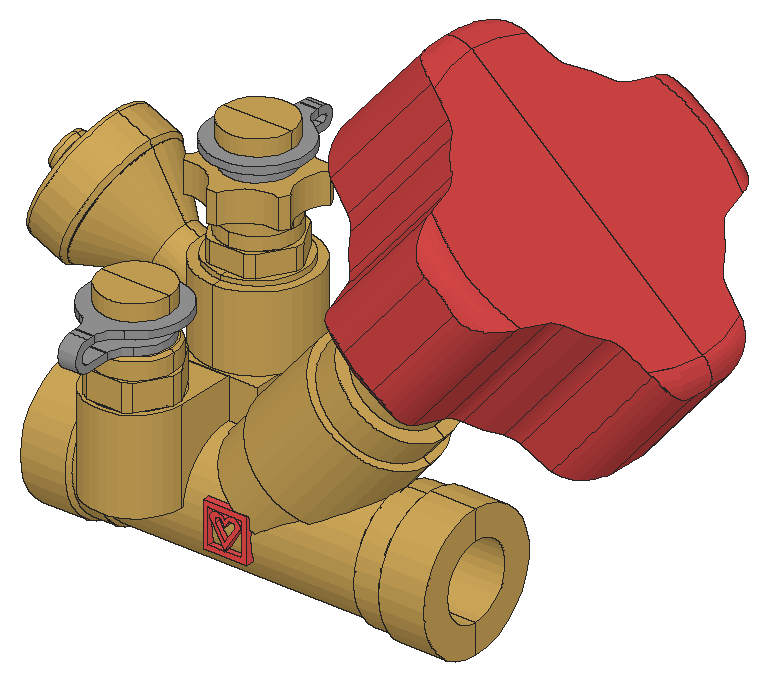
Revit family "HERZ Strömax Commissioning Valve With Integral Fixed orifice Plate 4017 ML (LF-MF)", category Rohrzubehör, Revit 2020
Family settings
  Bemaßung runder Anschluss = Durchmesser verwenden
  Teiletyp = Unterbricht
  OmniClass-Nummer = 23.65.55.14
  OmniClass-Titel = Valves for Liquid Services
  Arbeitsebenenbasiert = Nein
  Immer vertikal = Ja
  Beim Laden mit Abzugskörper schneiden = Nein
  Gemeinsam genutzt = Nein
Parameters (values of type "MF")
  kvs-value [instance] = if(and(Nennweite = 15.000 mm, LF), 0.46, if(and(Nennweite = 15.000 mm, MF), 0.88, 0))  # 0.88
  kv-value of orifice [instance] = if(and(Nennweite = 15.000 mm, LF), 0.48, if(and(Nennweite = 15.000 mm, MF), 0.97, 0))  # 0.97
  W01 = 50.00°  # constant formula
  Vorgabe-Ansicht = 0.000 mm
  URL = "www.herzvalves.com"
  SW01 = 60.00°  # constant formula
  SCRNSEQ = "ARM;ARM_TYP=\"STRV\";2"
  SCRNCODE = "05;07;02"  # constant formula
  S03 = 60.000 mm  # constant formula
  S02 [instance] = L04 + L06 + L07  # 76.800 mm
  S01 [instance] = D01 * 2  # 27.000 mm
  R03 = 21.500 mm  # constant formula
  R02 = 9.500 mm  # constant formula
  R01 = 12.000 mm  # constant formula
  Part number [instance] = if(and(Nennweite = 15.000 mm, LF), 1401730, if(and(Nennweite = 15.000 mm, MF), 1401739, 0))  # 1401739
  Model = "STRÖMAX 4017 ML, commissioning valve in Y pattern with an orifice plate and an connection for impulse line for differential pressure measurement, with test points:\r\nDZR brass, female threaded ends, non-rising stem sealed with Triple-O-Ring, presetting through stroke limiting, handwhell with presetting digital display."
  Medium = "Water purity in accordance with the OeNORM H5195 and VDI 2035 standards.\r\nEthylene and propylene glycol can be mixed to a ratio of 25 - 50 vol. %."
  Max. operating temperature = 130 °C  # constant formula
  Max. operating pressure = 2000000.0 Pa  # constant formula
  Max. differential pressure at closed valve = 1000000.0 Pa  # constant formula
  MF = yes
  LF = no
  L10 [instance] = size_lookup("4017_ML_", "L10", 1.000 mm, Nennweite)  # 28.500 mm
  L09 [instance] = size_lookup("4017_ML_", "L9", 1.000 mm, Nennweite)  # 22.500 mm
  L08 [instance] = size_lookup("4017_ML_", "L8", 1.000 mm, Nennweite)  # 12.700 mm
  L07 [instance] = size_lookup("4017_ML_", "L7", 1.000 mm, Nennweite)  # 35.100 mm
  L06 [instance] = size_lookup("4017_ML_", "L6", 1.000 mm, Nennweite)  # 6.500 mm
  L05 [instance] = size_lookup("4017_ML_", "L5", 1.000 mm, Nennweite)  # 20.200 mm
  L04 [instance] = size_lookup("4017_ML_", "L4", 1.000 mm, Nennweite)  # 35.200 mm
  L03 [instance] = size_lookup("4017_ML_", "L3", 1.000 mm, Nennweite)  # 1.000 mm
  H03 [instance] = H01 - 19.000 mm  # 1.000 mm
  H02 = 13.000 mm  # constant formula
  Field of application = "Can be used as isolating and commissioning valve."
  E01 [instance] = L00 / -2  # -41.500 mm
  E00 = 0.000 mm  # constant formula
  D09 [instance] = size_lookup("4017_ML_", "D9", 1.000 mm, Nennweite)  # 11.750 mm
  D08 [instance] = size_lookup("4017_ML_", "D8", 1.000 mm, Nennweite)  # 9.500 mm
  D07 [instance] = size_lookup("4017_ML_", "D7", 1.000 mm, Nennweite)  # 12.000 mm
  D06 [instance] = size_lookup("4017_ML_", "D6", 1.000 mm, Nennweite)  # 13.500 mm
  D05 [instance] = size_lookup("4017_ML_", "D5", 1.000 mm, Nennweite)  # 12.500 mm
  D04 [instance] = Nennweite / 2  # 7.500 mm
  IG [instance] = Nennweite / 2  # 7.500 mm
  D03 [instance] = size_lookup("4017_ML_", "D3", 1.000 mm, Nennweite)  # 11.900 mm
  D02 [instance] = size_lookup("4017_ML_", "D2", 1.000 mm, Nennweite)  # 12.700 mm
  D01 [instance] = size_lookup("4017_ML_", "D1", 1.000 mm, Nennweite)  # 13.500 mm
  Nennweite [instance] = 15.000 mm  # constant formula
  L02 [instance] = size_lookup("4017_ML_", "L2", 1.000 mm, Nennweite)  # 5.000 mm
  L01 [instance] = size_lookup("4017_ML_", "L1", 1.000 mm, Nennweite)  # 9.250 mm
  L00 [instance] = size_lookup("4017_ML_", "L", 1.000 mm, Nennweite)  # 83.000 mm
  Hersteller = "HERZ Armaturen Ges.m.b.H."  # constant formula
  H01 [instance] = size_lookup("4017_ML_", "H1", 1.000 mm, Nennweite)  # 20.000 mm
  GT [instance] = size_lookup("4017_ML_", "GT", 1.000 mm, Nennweite)  # 13.200 mm
  DN50 [instance] = Nennweite = 50.000 mm  # no
  DN40 [instance] = Nennweite = 40.000 mm  # no
  DN32 [instance] = Nennweite = 32.000 mm  # no
  DN25 [instance] = Nennweite = 25.000 mm  # no
  DN20 [instance] = Nennweite = 20.000 mm  # no
  DN15 [instance] = Nennweite = 15.000 mm  # yes
  Body = "DZR brass"  # constant formula
Types (3, lengths in mm): name | kvs-value | kv-value of orifice | Part number | MF | LF
  (no name) | 0.88 | 0.97 | 1401739 | yes | no
  LF | 0.46 | 0.48 | 1401730 | no | yes
  MF | 0.88 | 0.97 | 1401739 | yes | no
Reference planes
  plane 1 "Mitte (Vorne/hinten)": y = 0
  plane 2: z = 0
  plane 3 "Mitte (Links/rechts)": x = 0
Forms (mm)
  Revolve 1, solid, material "Messing, weicher Gelbton, geschweißt", detail levels fine
    sketch origin (470, 0, 0) x (1, 0, 0) y (0, 0, 1)
      loop
        line (-511.5, 7.5) -> (-498.3, 7.5) -> (-498.3, 0) -> (-441.7, 0) -> (-441.7, 7.5) -> (-428.5, 7.5) -> (-428.5, 13.5) -> (-437.75, 13.5) -> (-438.421, 12.7) -> (-443.421, 12.7) -> (-444.093, 11.9) -> (-495.907, 11.9) -> (-496.579, 12.7) -> (-501.579, 12.7) -> (-502.25, 13.5) -> (-511.5, 13.5) -> (-511.5, 7.5)
      axis (-511.5, 0) -> (-428.5, 0)
    angle from 0 to 360
  Revolve 2, solid, material "Messing, weicher Gelbton, geschweißt", detail levels fine
    sketch origin (0.32, 0, -0.105) x (1, 0, 0) y (0, 0, 1)
      loop
        line (-1.32, 0.105) -> (48.046, 58.937) -> (39.045, 66.49) -> (30.882, 56.761) -> (32.605, 55.315) -> (18.207, 38.155) -> (16.292, 39.762) -> (12.114, 34.783) -> (10.964, 35.747) -> (-2.02, 20.273) -> (-1.254, 19.63) -> (-7.652, 12.005) -> (-7.065, 4.926) -> (-1.32, 0.105)
      axis (-1.32, 0.105) -> (48.046, 58.937)
    angle from 0 to 360
  Extrusion 3, solid, material "Messing, weicher Gelbton, geschweißt", detail levels fine
    sketch origin (0, 0, 0) x (1, 0, 0) y (0, 1, 0)
      loop
        arc (-28.5, -12) -> (-19, -21.5) -> (-9.5, -12) r 9.5
        line (-9.5, -12) -> (-9.5, 0) -> (-28.5, 0) -> (-28.5, -12)
    from 1 <- "H03" to 20 <- "H01"
  Extrusion 4, solid, material "Messing, weicher Gelbton, geschweißt", detail levels fine
    sketch origin (0, 0, 0) x (1, 0, 0) y (0, 1, 0)
      loop
        line (-22.5, 12) -> (-22.5, 0) -> (-3.5, 0) -> (-3.5, 12)
        arc (-3.5, 12) -> (-13, 21.5) -> (-22.5, 12) r 9.5
    from 0 to 20 <- "H01"
  Extrusion 5, void
    sketch origin (0, 0, 0) x (1, 0, 0) y (0, 0, 1)
      loop
        line (55, 0) -> (80, 0) -> (80, 73) -> (55, 73) -> (55, 0)
    from 55 to -55
Cuts and joins
  Extrusion 5 cuts Revolve 2
Lines and regions (mm)
  model lines, detail levels coarse+medium
    curve 1: line (-41.5, 0, 13.5) -> (-41.5, 0, -13.5)
    curve 2: line (-41.5, 0, -13.5) -> (41.5, 0, 13.5)
    curve 3: line (41.5, 0, 13.5) -> (41.5, 0, -13.5)
    curve 4: line (41.5, 0, -13.5) -> (-41.5, 0, 13.5)
    curve 5: line (0, 0, 0) -> (38.4, 0, 66.511)
    curve 6: line (12.419, 0, 81.511) -> (64.381, 0, 51.511)
    curve 7: line (-41.5, -13.5, 0) -> (-41.5, 13.5, 0)
    curve 8: line (-41.5, 13.5, 0) -> (41.5, -13.5, 0)
    curve 9: line (41.5, -13.5, 0) -> (41.5, 13.5, 0)
    curve 10: line (41.5, 13.5, 0) -> (-41.5, -13.5, 0)
    curve 11: line (0, 0, 0) -> (38.4, 66.511, 0)
    curve 12: line (12.419, 81.511, 0) -> (64.381, 51.511, 0)
Dimensions and locks
  "L00": Revolve 1 sketch curve to Revolve 1 sketch curve
  equal spacing: Revolve 1 sketch curve, plane 3 "Mitte (Links/rechts)", Revolve 1 sketch curve
  "D01": Revolve 1 sketch curve to Revolve 1 sketch curve  (x2)
  "GT": Revolve 1 sketch curve to Revolve 1 sketch curve  (x2)
  "D06": Revolve 2 sketch curve to Revolve 2 sketch curve
  "D07": Revolve 2 sketch curve to Revolve 2 sketch curve
  "D08": Revolve 2 sketch curve to Revolve 2 sketch curve
  "D09": Revolve 2 sketch curve to Revolve 2 sketch curve
  equal spacing: curve 1, plane 3 "Mitte (Links/rechts)", curve 3
  "L00": curve 1 to curve 3
  equal spacing: curve 4, plane 2, curve 2
  "S01": curve 4 to curve 1
  "S01": curve 3 to curve 4
  equal spacing: curve 3, plane 2, curve 4
  "S02": curve 5 to curve 5
  equal spacing: curve 6, curve 5, curve 6
  "S03": curve 6 to curve 6
  equal spacing: curve 7, plane 3 "Mitte (Links/rechts)", curve 9
  "L00": curve 7 to curve 9
  equal spacing: curve 10, plane 1 "Mitte (Vorne/hinten)", curve 8
  "S01": curve 8 to curve 10
  equal spacing: curve 9, plane 1 "Mitte (Vorne/hinten)", curve 10
  "S01": curve 10 to curve 9
  "S02": curve 11 to curve 11
  equal spacing: curve 12, curve 11, curve 12
  "S03": curve 12 to curve 12
  "L01": Revolve 1 sketch curve to Revolve 1 sketch curve  (x2)
  "D02": Revolve 1 sketch curve to plane 2  (x2)
  "D03": Revolve 1 sketch curve to plane 2
  "IG": Revolve 1 sketch curve to plane 2  (x2)
  "L02": Revolve 1 sketch curve to Revolve 1 sketch curve  (x2)
  "L04": Revolve 2 sketch curve to Revolve 2 sketch curve
  "L05": Revolve 2 sketch curve to Revolve 2 sketch curve
  "D03": Revolve 2 sketch curve to plane 2
  "L06": Revolve 2 sketch curve to Revolve 2 sketch curve
  "L08": Revolve 2 sketch curve to Revolve 2 sketch curve
  "L07": Revolve 2 sketch curve to Revolve 2 sketch curve
  "D04": Revolve 2 sketch curve to Revolve 2 sketch curve
  "D05": Revolve 2 sketch curve to Revolve 2 sketch curve
  "L03": plane 3 "Mitte (Links/rechts)" to Revolve 2 sketch curve  (x2)
  "D03": nested 1 to plane 1 "Mitte (Vorne/hinten)"
  "L09": Revolve 1 to Extrusion 3 sketch curve
  "R01": Extrusion 3 sketch curve to plane 1 "Mitte (Vorne/hinten)"
  "R01": plane 1 "Mitte (Vorne/hinten)" to Extrusion 4 sketch curve
  "L10": Revolve 1 to Extrusion 4 sketch curve
  "H01": nested 2 to plane 2
  "R01": nested 2 to plane 1 "Mitte (Vorne/hinten)"
  "L09": Revolve 1 to nested 2
  Extrusion 5 sketch curve to plane 3 "Mitte (Links/rechts)" = 55.000 mm
  Extrusion 5 sketch curve to Extrusion 5 sketch curve = 25.000 mm
  Extrusion 5 sketch curve to plane 2 = 73.000 mm
  "L10": Revolve 1 to nested 4
  "R01": plane 1 "Mitte (Vorne/hinten)" to nested 4
  "H01": nested 4 to plane 2
  "R02": radius of Extrusion 3 sketch curve
  "R02": radius of Extrusion 4 sketch curve
  "W01": angle level to Revolve 2 sketch curve
  "SW01": angle plane 2 to curve 5
  "SW01": angle plane 1 "Mitte (Vorne/hinten)" to curve 11
  "W01": angle Revolve 1 sketch curve to Revolve 1 sketch curve  (x4)
  "W01": angle plane 2 to Revolve 2 sketch curve
  aligned and locked: level to plane 2
Automatic sketch dimensions
  Extrusion 5 sketch curve to level = 0.000 mm
  curve 5 to level = 0.000 mm
  plane 1 "Mitte (Vorne/hinten)" to curve 11 = 0.000 mm
  Revolve 1 sketch curve to level = 0.000 mm  (x2)
  Revolve 1 sketch curve to Revolve 1 sketch curve = 791.990 mm
  Revolve 1 sketch curve to Revolve 1 sketch curve = 2278.983 mm
  Revolve 2 sketch curve to level = 0.000 mm  (x2)
  plane 1 "Mitte (Vorne/hinten)" to Extrusion 3 sketch curve = 0.000 mm
  plane 1 "Mitte (Vorne/hinten)" to Extrusion 4 sketch curve = 0.000 mm
Nested families
  nested 1: "Herz-Logo-vorne" at (0, -11.9, 0) x (0, 1, 0) z (0, 0, 1), type "Herz-Logo-vorne", detail levels fine
  nested 2: "Messstutzen_Band_Eintritt_senkrecht_(oben)" at (-19, -12, 2.5) x (-1, 0, 0) z (0, 0, 1), type "Messstutzen_Band_Eintritt_senkrecht_(oben)", detail levels fine
    with Schutzkappe yes, Nennweite 0.000 mm, Gewicht 0.00 kg, Bestellnummer 0
  nested 3: "Strangregulierventil-Handrad (Rot) DN15-DN32" at (48.366, 0, 58.832), visible <- "DN15", type "Strangregulierventil-Handrad (Rot) DN15-DN32"
    with Nennweite 0.000 mm, Gewicht 0.00 kg, Bestellnummer 0
  nested 4: "Messstutzen_Band-KFE_Austritt_senkrecht_(oben)" at (-13, 12, 24.41), type "Messstutzen_Band-KFE_Austritt_senkrecht_(oben)", detail levels fine
    with Schutzkappe yes, Nennweite 0.000 mm, Gewicht 0.00 kg, Bestellnummer 0
Connectors
  piping at (-28.3, 0, 0), diameter 15, driven by "Nennweite"
    settings: on Revolve 1, index 1, connector inside diameter 609.6 mm, connector length 0.000 mm, flow factor 0, pipe flow 0.0 L/s, pressure drop 0.0 Pa, fitting loss kfactor 0, connector angle 0.00°, fixture units 0, engagement length 0.000 mm, angle of deflection 0.00°, flow configuration 0, flow direction 1, fitting loss method 0, system type 29, joint type 0, gender type 0, connector reference index -1, connector utility 0, adjustable connector no, is connector primary yes, connector description ""
  piping at (28.3, 0, 0), diameter 15, driven by "Nennweite"
    settings: on Revolve 1, index 2, connector inside diameter 609.6 mm, connector length 0.000 mm, flow factor 0, pipe flow 0.0 L/s, pressure drop 0.0 Pa, fitting loss kfactor 0, connector angle 0.00°, fixture units 0, engagement length 0.000 mm, angle of deflection 0.00°, flow configuration 0, flow direction 2, fitting loss method 0, system type 29, joint type 0, gender type 0, connector reference index -1, connector utility 0, adjustable connector no, is connector primary no, connector description ""
Definition of nested family "Herz-Logo-vorne"
  Parameters (values of type "Herz-Logo-vorne")
    Default Elevation = 0.000 mm
  Reference planes
    plane 1 "Mitte (Vorne/hinten)": y = 0
    plane 2: z = 0
    plane 3 "Mitte (Links/rechts)": x = 0
  Forms (mm)
    Extrusion 1, solid
      sketch origin (0.732, -0.018, 0.017) x (0, -1, 0) y (0, 0, 1)
        loop
          line (-0.018, -4.517) -> (4.482, -4.517) -> (4.482, 4.483) -> (-4.518, 4.483) -> (-4.518, -4.517) -> (-0.018, -4.517)
        loop
          line (-0.05, -3.48) -> (3.482, -3.48) -> (3.482, 3.483) -> (-3.518, 3.483) -> (-3.518, -3.48) -> (-0.05, -3.48)
        loop
          arc (-0.018, 2.383) -> (-1.543, 3.287) -> (-3.067, 2.383) r 1.738
          arc (-3.067, 2.383) -> (-3.191, 1.899) -> (-3.067, 1.415) r 1.009
          line (-3.067, 1.415) -> (-0.018, -3.281) -> (3.032, 1.415)
          arc (3.032, 1.415) -> (3.156, 1.899) -> (3.032, 2.383) r 1.009
          arc (3.032, 2.383) -> (1.507, 3.287) -> (-0.018, 2.383) r 1.738
        loop
          arc (1.885, 1.272) -> (2.005, 1.675) -> (1.885, 2.079) r 0.74
          arc (1.885, 2.079) -> (1.265, 2.416) -> (0.644, 2.079) r 0.74
          line (0.644, 2.079) -> (-0.018, 0.97) -> (-0.679, 2.079)
          arc (-0.679, 2.079) -> (-1.3, 2.416) -> (-1.921, 2.079) r 0.74
          arc (-1.921, 2.079) -> (-2.04, 1.675) -> (-1.921, 1.272) r 0.74
          line (-1.921, 1.272) -> (-0.018, -1.658) -> (1.885, 1.272)
      from 0 to 1.5
  Dimensions and locks
    aligned and locked: level to plane 2
Definition of nested family "Messstutzen_Band_Eintritt_senkrecht_(oben)"
  Parameters (values of type "Messstutzen_Band_Eintritt_senkrecht_(oben)")
    Default Elevation = 0.000 mm
    URL = "www.herz-armaturen.at"
    Schutzkappe [instance] = yes
    Nennweite [instance] = 0.000 mm
    Manufacturer = "Herz Armaturen GmbH"  # constant formula
    Gewicht [instance] = 0.00 kg
    Bestellnummer [instance] = 0
  Reference planes
    plane 1 "Mitte (Vorne/hinten)": y = 0
    plane 2: z = 0
    plane 3 "Mitte (Links/rechts)": x = 0
    plane 4 "Schlaufe 1": z = -27
    plane 5 "Schlaufe 2": z = -31.678
  Forms (mm)
    Revolve 1, solid, detail levels fine
      sketch origin (0, 0, 0) x (1, 0, 0) y (0, 0, 1)
        loop
          line (-7.4, 9) -> (-5.55, 9) -> (-5.55, 6)
          arc (-5.55, 6) -> (-5.626, 5.617) -> (-5.843, 5.293) r 1
          line (-5.843, 5.293) -> (-6.455, 4.681) -> (-6.455, 0.9) -> (-5.555, 0) -> (-2, 0) -> (-2, 17.5) -> (-8.4, 17.5)
          arc (-8.4, 17.5) -> (-7.693, 17.207) -> (-7.4, 16.5) r 1
          line (-7.4, 16.5) -> (-7.4, 9)
        loop
          line (-3.7, 27) -> (-7.3, 27) -> (-7.9, 26.4) -> (-7.9, 23) -> (-2, 23) -> (-2, 35.8) -> (-3.805, 35.8) -> (-4.415, 35.19) -> (-4.415, 30.863) -> (-3.7, 30.45) -> (-3.7, 27)
        axis (0, 0) -> (0, 35.8)
      angle from 0 to 360
    Extrusion 2, solid, detail levels fine
      sketch origin (0, 0, 17.5) x (0, 1, 0) y (-1, 0, 0)
        loop
          arc (-7.07, 5.156) -> (-7.578, 4.375) -> (-8, 3.544) r 8.75
          line (-8, 3.544) -> (-8, -3.544)
          arc (-8, -3.544) -> (-7.578, -4.375) -> (-7.07, -5.156) r 8.75
          line (-7.07, -5.156) -> (-0.93, -8.7)
          arc (-0.93, -8.7) -> (0, -8.75) -> (0.93, -8.7) r 8.75
          line (0.93, -8.7) -> (7.07, -5.156)
          arc (7.07, -5.156) -> (7.578, -4.375) -> (8, -3.544) r 8.75
          line (8, -3.544) -> (8, 3.544)
          arc (8, 3.544) -> (7.578, 4.375) -> (7.07, 5.156) r 8.75
          line (7.07, 5.156) -> (0.93, 8.7)
          arc (0.93, 8.7) -> (0, 8.75) -> (-0.93, 8.7) r 8.75
          line (-0.93, 8.7) -> (-7.07, 5.156)
      from 0 to 5.5
    Revolve 3, solid, visible <- "Schutzkappe", detail levels fine
      sketch origin (0, 0, 0) x (1, 0, 0) y (0, 0, 1)
        loop
          line (0, 35.878) -> (0, 36.678) -> (-7, 36.678) -> (-7, 33.378) -> (-6.1, 33.378) -> (-6.1, 31.678) -> (-6.9, 31.678) -> (-6.9, 30.178) -> (-4.415, 30.178) -> (-4.415, 35.268) -> (-3.805, 35.878) -> (0, 35.878)
        axis (0, 30.178) -> (0, 36.678)
      angle from 0 to 360
    Extrusion 4, solid, detail levels fine
      sketch origin (0, 0, 28.5) x (1, 0, 0) y (0, 1, 0)
        loop
          circle (0, 0) r 3.7
        loop
          arc (-3.906, 5.505) -> (0, -6.75) -> (3.906, 5.505) r 6.75
          arc (3.906, 5.505) -> (2.358, 7.288) -> (1.8, 9.582) r 5
          line (1.8, 9.582) -> (-1.8, 9.582)
          arc (-1.8, 9.582) -> (-2.358, 7.288) -> (-3.906, 5.505) r 5
      from 0 to -1.5
    Extrusion 5, solid, detail levels fine
      sketch origin (0, 0, 33.178) x (1, 0, 0) y (0, 1, 0)
        loop
          circle (0, 0) r 6.1
        loop
          arc (-4.495, 8.652) -> (0, -9.75) -> (4.495, 8.652) r 9.75
          arc (4.495, 8.652) -> (2.527, 10.493) -> (1.8, 13.089) r 5
          line (1.8, 13.089) -> (-1.8, 13.089)
          arc (-1.8, 13.089) -> (-2.527, 10.493) -> (-4.495, 8.652) r 5
      from 0 to -1.5
    Sweep 6, solid, detail levels fine
      path origin (0, 0, 0) x (0, 0, -1) y (0, -1, 0)
        loop
          line (-27.75, -9.582) -> (-27.75, -14.522)
          arc (-27.75, -14.522) -> (-30.089, -16.862) -> (-32.428, -14.522) r 2.339
          line (-32.428, -14.522) -> (-32.428, -13.089)
      profile origin (0, 12.052, 27.75) x (0, 0, 1) y (1, 0, 0)
        loop
          line (-0.75, -1.8) -> (0.75, -1.8) -> (0.75, 1.8) -> (-0.75, 1.8) -> (-0.75, -1.8)
  Dimensions and locks
    aligned and locked: level to plane 2
Definition of nested family "Strangregulierventil-Handrad (Rot) DN15-DN32"
  Parameters (values of type "Strangregulierventil-Handrad (Rot) DN15-DN32")
    Default Elevation = 0.000 mm
    URL = "www.herz-armaturen.at"
    Nennweite [instance] = 0.000 mm
    Manufacturer = "Herz Armaturen GmbH"  # constant formula
    Gewicht [instance] = 0.00 kg
    Bestellnummer [instance] = 0
  Reference planes
    plane 1 "Mitte (Vorne/hinten)": y = 0
    plane 2: z = 0
    plane 3 "Mitte (Links/rechts)": x = 0
  Forms (mm)
    Revolve 1, solid, detail levels fine
      sketch origin (0, 0, 0) x (0.766044, 0, -0.642788) y (0.642788, 0, 0.766044)
        loop
          line (0, 0) -> (0, 24.95) -> (-30.992, 24.95)
          arc (-30.992, 24.95) -> (-34.37, 23.636) -> (-35.973, 20.386) r 5
          line (-35.973, 20.386) -> (-37, 8.65) -> (-35.986, -2.936)
          arc (-35.986, -2.936) -> (-34.383, -6.186) -> (-31.005, -7.5) r 5
          line (-31.005, -7.5) -> (-15, -7.5) -> (-15, 0) -> (0, 0)
        axis (0, 24.95) -> (0, -7.5)
      angle from 0 to 360
    Extrusion 2, void
      sketch origin (13.049, 0, 15.551) x (0.766044, 0, -0.642788) y (0, 1, 0)
        loop
          line (3.861, 35.5) -> (-3.861, 35.5)
          arc (-3.861, 35.5) -> (-8.731, 33.847) -> (-11.589, 29.571) r 8
          line (-11.589, 29.571) -> (-13.284, 23.245)
          arc (-13.284, 23.245) -> (-13.982, 21.722) -> (-15.144, 20.516) r 5
          arc (-15.144, 20.516) -> (-18.031, 18.031) -> (-20.516, 15.144) r 25.5
          arc (-20.516, 15.144) -> (-21.722, 13.982) -> (-23.245, 13.284) r 5
          line (-23.245, 13.284) -> (-29.571, 11.589)
          arc (-29.571, 11.589) -> (-33.847, 8.731) -> (-35.5, 3.861) r 8
          line (-35.5, 3.861) -> (-35.5, -3.861)
          arc (-35.5, -3.861) -> (-33.847, -8.731) -> (-29.571, -11.589) r 8
          line (-29.571, -11.589) -> (-23.245, -13.284)
          arc (-23.245, -13.284) -> (-21.722, -13.982) -> (-20.516, -15.144) r 5
          arc (-20.516, -15.144) -> (-18.031, -18.031) -> (-15.144, -20.516) r 25.5
          arc (-15.144, -20.516) -> (-13.982, -21.722) -> (-13.284, -23.245) r 5
          line (-13.284, -23.245) -> (-11.589, -29.571)
          arc (-11.589, -29.571) -> (-8.731, -33.847) -> (-3.861, -35.5) r 8
          line (-3.861, -35.5) -> (3.861, -35.5)
          arc (3.861, -35.5) -> (8.731, -33.847) -> (11.589, -29.571) r 8
          line (11.589, -29.571) -> (13.284, -23.245)
          arc (13.284, -23.245) -> (13.982, -21.722) -> (15.144, -20.516) r 5
          arc (15.144, -20.516) -> (18.031, -18.031) -> (20.516, -15.144) r 25.5
          arc (20.516, -15.144) -> (21.722, -13.982) -> (23.245, -13.284) r 5
          line (23.245, -13.284) -> (29.571, -11.589)
          arc (29.571, -11.589) -> (33.847, -8.731) -> (35.5, -3.861) r 8
          line (35.5, -3.861) -> (35.5, 3.861)
          arc (35.5, 3.861) -> (33.847, 8.731) -> (29.571, 11.589) r 8
          line (29.571, 11.589) -> (23.245, 13.284)
          arc (23.245, 13.284) -> (21.722, 13.982) -> (20.516, 15.144) r 5
          arc (20.516, 15.144) -> (18.031, 18.031) -> (15.144, 20.516) r 25.5
          arc (15.144, 20.516) -> (13.982, 21.722) -> (13.284, 23.245) r 5
          line (13.284, 23.245) -> (11.589, 29.571)
          arc (11.589, 29.571) -> (8.731, 33.847) -> (3.861, 35.5) r 8
        loop
          circle (0, 0) r 38
      from -31.266 to 7.923
  Cuts and joins
    Extrusion 2 cuts Revolve 1
  Dimensions and locks
    Revolve 1 sketch curve to Revolve 1 sketch curve = 15.000 mm
    Revolve 1 sketch curve to Revolve 1 sketch curve = 16.150 mm
    Revolve 1 sketch curve to Revolve 1 sketch curve = 16.300 mm
    angle Revolve 1 sketch curve to Revolve 1 sketch curve = 95.00°
    aligned and locked: level to plane 2
Definition of nested family "Messstutzen_Band-KFE_Austritt_senkrecht_(oben)"
  Parameters (values of type "Messstutzen_Band-KFE_Austritt_senkrecht_(oben)")
    Default Elevation = 0.000 mm
    URL = "www.herz-armaturen.at"
    Schutzkappe [instance] = yes
    Nennweite [instance] = 0.000 mm
    Manufacturer = "Herz Armaturen GmbH"  # constant formula
    Gewicht [instance] = 0.00 kg
    Bestellnummer [instance] = 0
  Reference planes
    plane 1 "Mitte (Vorne/hinten)": y = 0
    plane 2: z = 0
    plane 3 "Mitte (Links/rechts)": x = 0
  Forms (mm)
    Revolve 1, solid, detail levels fine
      sketch origin (0, 0, 0) x (1, 0, 0) y (0, 0, 1)
        loop
          line (-7.4, 9) -> (-5.55, 9) -> (-5.55, 6)
          arc (-5.55, 6) -> (-5.626, 5.617) -> (-5.843, 5.293) r 1
          line (-5.843, 5.293) -> (-6.455, 4.681) -> (-6.455, 0.9) -> (-5.555, 0) -> (-2, 0) -> (-2, 23) -> (-2, 35.8) -> (-3.805, 35.8) -> (-4.415, 35.19) -> (-4.415, 30.863) -> (-3.7, 30.45) -> (-3.7, 27) -> (-7.4, 27) -> (-7.4, 9)
        axis (0, 0) -> (0, 35.8)
      angle from 0 to 360
    Extrusion 2, solid, detail levels fine
      sketch origin (0, 0, 17.5) x (0, 1, 0) y (-1, 0, 0)
        loop
          arc (-7.07, 5.156) -> (-7.578, 4.375) -> (-8, 3.544) r 8.75
          line (-8, 3.544) -> (-8, -3.544)
          arc (-8, -3.544) -> (-7.578, -4.375) -> (-7.07, -5.156) r 8.75
          line (-7.07, -5.156) -> (-0.93, -8.7)
          arc (-0.93, -8.7) -> (0, -8.75) -> (0.93, -8.7) r 8.75
          line (0.93, -8.7) -> (7.07, -5.156)
          arc (7.07, -5.156) -> (7.578, -4.375) -> (8, -3.544) r 8.75
          line (8, -3.544) -> (8, 3.544)
          arc (8, 3.544) -> (7.578, 4.375) -> (7.07, 5.156) r 8.75
          line (7.07, 5.156) -> (0.93, 8.7)
          arc (0.93, 8.7) -> (0, 8.75) -> (-0.93, 8.7) r 8.75
          line (-0.93, 8.7) -> (-7.07, 5.156)
      from -5.51 to -1.21
    Revolve 3, solid, visible <- "Schutzkappe", detail levels fine
      sketch origin (0, 0, 0) x (1, 0, 0) y (0, 0, 1)
        loop
          line (0, 35.878) -> (0, 36.678) -> (-7, 36.678) -> (-7, 33.378) -> (-6.1, 33.378) -> (-6.1, 31.678) -> (-6.9, 31.678) -> (-6.9, 30.178) -> (-4.415, 30.178) -> (-4.415, 35.268) -> (-3.805, 35.878) -> (0, 35.878)
        axis (0, 30.178) -> (0, 36.678)
      angle from 0 to 360
    Extrusion 4, solid, detail levels fine
      sketch origin (0, 0, 30) x (1, 0, 0) y (0, 1, 0)
        loop
          circle (0, 0) r 3.7
        loop
          arc (-3.906, 5.505) -> (0, -6.75) -> (3.906, 5.505) r 6.75
          arc (3.906, 5.505) -> (2.358, 7.288) -> (1.8, 9.582) r 5
          line (1.8, 9.582) -> (-1.8, 9.582)
          arc (-1.8, 9.582) -> (-2.358, 7.288) -> (-3.906, 5.505) r 5
      from 0 to -1.5
    Extrusion 5, solid, detail levels fine
      sketch origin (0, 0, 33.178) x (1, 0, 0) y (0, 1, 0)
        loop
          circle (0, 0) r 6.1
        loop
          arc (-4.495, 8.652) -> (0, -9.75) -> (4.495, 8.652) r 9.75
          arc (4.495, 8.652) -> (2.527, 10.493) -> (1.8, 13.089) r 5
          line (1.8, 13.089) -> (-1.8, 13.089)
          arc (-1.8, 13.089) -> (-2.527, 10.493) -> (-4.495, 8.652) r 5
      from 0 to -1.5
    Sweep 6, solid, detail levels fine
      path origin (0, 0, 0) x (0, 0, -1) y (0, -1, 0)
        loop
          line (-29.25, -9.582) -> (-29.25, -14.522)
          arc (-29.25, -14.522) -> (-30.839, -16.112) -> (-32.428, -14.522) r 1.589
          line (-32.428, -14.522) -> (-32.428, -13.089)
      profile origin (0, 12.052, 29.25) x (0, 0, 1) y (1, 0, 0)
        loop
          line (-0.75, -1.8) -> (0.75, -1.8) -> (0.75, 1.8) -> (-0.75, 1.8) -> (-0.75, -1.8)
    Extrusion 7, solid, detail levels fine
      sketch origin (-101.196, 0, 0) x (1, 0, 0) y (0, 1, 0)
        loop
          arc (112.053, 5.113) -> (111.589, 6) -> (111.053, 6.845) r 12
          arc (111.053, 6.845) -> (105.696, 7.794) -> (102.196, 11.958) r 7.971
          arc (102.196, 11.958) -> (101.196, 12) -> (100.196, 11.958) r 12
          arc (100.196, 11.958) -> (96.696, 7.794) -> (91.34, 6.845) r 7.971
          arc (91.34, 6.845) -> (90.804, 6) -> (90.34, 5.113) r 12
          arc (90.34, 5.113) -> (92.196, 0) -> (90.34, -5.113) r 7.971
          arc (90.34, -5.113) -> (90.804, -6) -> (91.34, -6.845) r 12
          arc (91.34, -6.845) -> (96.696, -7.794) -> (100.196, -11.958) r 7.971
          arc (100.196, -11.958) -> (101.196, -12) -> (102.196, -11.958) r 12
          arc (102.196, -11.958) -> (105.696, -7.794) -> (111.053, -6.845) r 7.971
          arc (111.053, -6.845) -> (111.589, -6) -> (112.053, -5.113) r 12
          arc (112.053, -5.113) -> (110.196, 0) -> (112.053, 5.113) r 7.971
      from 22.3 to 28.5
    Revolve 8, solid, detail levels fine
      sketch origin (0, 43.374, -20) x (0, 1, 0) y (0, 0, 1)
        loop
          line (-43.374, 0) -> (-37.874, 0) -> (-36.774, 1.1) -> (-36.774, 4.9) -> (-37.874, 6) -> (-37.874, 8.4) -> (-36.424, 8.4) -> (-36.424, 9.2) -> (-34.424, 9.2) -> (-34.424, 15.59) -> (-31.874, 15.59) -> (-31.874, 30.99) -> (-33.874, 30.99) -> (-33.874, 31.99) -> (-43.374, 31.99) -> (-43.374, 0)
        loop
          line (-43.374, 39) -> (-43.374, 36.29) -> (-35.874, 36.29) -> (-35.874, 39) -> (-43.374, 39)
        axis (-43.374, 39) -> (-43.374, 0)
      angle from 0 to 360
    Revolve 9, solid, detail levels fine
      sketch origin (0, 0, 0) x (-1, 0, 0) y (0, 0, 1)
        loop
          line (0, -1.01) -> (32.627, 14.204) -> (27.556, 25.08) -> (25.934, 25.67) -> (21.602, 23.65) -> (14.873, 11.994) -> (-2.324, 3.975) -> (0, -1.01)
        axis (32.627, 14.204) -> (0, -1.01)
      angle from 0 to 360
    Revolve 10, solid, detail levels fine
      sketch origin (-51.188, 0, -39.797) x (-0.422618, 0, -0.906308) y (-0.906308, 0, 0.422618)
        loop
          line (-56.786, 8) -> (-45.747, 8) -> (-45.747, 0) -> (-43.834, 0) -> (-42.786, 1.048) -> (-42.786, 8.048)
          arc (-42.786, 8.048) -> (-43.065, 8.721) -> (-43.738, 9) r 0.952
          line (-43.738, 9) -> (-52.974, 9)
          arc (-52.974, 9) -> (-53.548, 9.238) -> (-53.786, 9.812) r 0.812
          line (-53.786, 9.812) -> (-53.786, 12) -> (-52.786, 12) -> (-52.786, 13.03)
          arc (-52.786, 13.03) -> (-53.07, 13.716) -> (-53.756, 14) r 0.97
          line (-53.756, 14) -> (-56.786, 14) -> (-56.786, 8)
        axis (-56.786, 14) -> (-56.786, 0)
      angle from 0 to 360
  Dimensions and locks
    aligned and locked: level to plane 2
